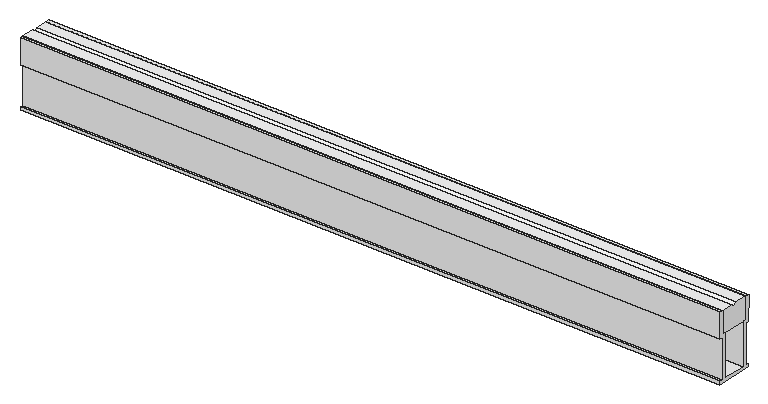
Revit family "4070750+4070745 Feilo Sylvania Lighting Fixture CURSUS 591MM 365LM WIDE LED 3K with FRAMED ROUGH IN HOUSING", category Lighting Fixtures, host Face, Revit 2017
Family settings
  Host = Face
  Round Connector Dimension = Use Diameter
  Part Type = Normal
  OmniClass Number = 23.80.70.14
  OmniClass Title = Luminaries for External Lighting
  Cut with Voids When Loaded = Yes
  Light Source = Yes
  Shared = No
  Room Calculation Point = No
Parameters (values of type "4070750 CURSUS 591MM 365LM WIDE LED 3K")
  Width = 30 mm
  Weight = "1.2 kg"
  Wattage Comments = "n/a"
  Wattage = 9 W
  WarrantyStartDate [instance] = "n/a"
  WarrantyGuarantorParts = "n/a"
  WarrantyDurationUnit = "n/a"
  WarrantyDurationParts = "n/a"
  WarrantyDescription = "n/a"
  built-in parameter 1150110 = 1 (stored number, unit not read)
  Voltage = 24 V
  URL = "http://www.sylvania-lighting.com"
  TypeName = "CURSUS 591MM 365LM WIDE LED 3K"
  Type Image = <None>
  Type Comments = "n/a"
  built-in parameter 1114217 = 1 (stored number, unit not read)
  Tilt Angle = -90.00°
  built-in parameter 1150109 = 1 (stored number, unit not read)
  built-in parameter 1150134 = (empty or 0)
  built-in parameter 1150113 = 1 (stored number, unit not read)
  SerialNumber [instance] = "n/a"
  Material_3_FEILO = none
  PowerFactor = 0
  PowerConsumption = "9 W"
  Photometric Web File = "4070750.ies"
  NominalLength = 591 mm
  NominalHeight = 50 mm
  NominalDepth = Width  # 30 mm
  Name = "CURSUS 591MM 365LM WIDE LED 3K"
  ModelReference = Name  # "CURSUS 591MM 365LM WIDE LED 3K"
  ModelNumber = "4070750"
  Model = Name  # "CURSUS 591MM 365LM WIDE LED 3K"
  Material = "natural anodised extruded aluminium structure housing"
  ManufacturerName = "Feilo Sylvania"
  Manufacturer = "Feilo Sylvania"
  LuminousEfficacy = "40.55 lm/W"
  built-in parameter 1150105 = 201.45 (stored number, unit not read)
  Lumens = 365 lm
  LuminaireType = ""
  built-in parameter 1150115 = 1 (stored number, unit not read)
  LightOutputRatio = "100"
  built-in parameter 1150137 = (empty or 0)
  built-in parameter 1150139 = (empty or 0)
  LengthVoidExtrusionRight [instance] = if(EndCapRight, Length / 2, Length / 2 - 2.5 mm)  # 296 mm
  LengthVoidExtrusionLeft [instance] = if(EndCapLeft, Length / 2, Length / 2 - 2.5 mm)  # 296 mm
  Length = 597 mm
  LampsType = Lamp  # "LED"
  LampNominalLuminous = "365 lm"
  LampMacAdamStep = "n/a"
  LampColourTemperature = "3000 K"
  LampColourRenderingIndex = "80"
  built-in parameter 1150112 = 1 (stored number, unit not read)
  built-in parameter 1150114 = 1 (stored number, unit not read)
  Lamp = "LED"
  Keynote = "16500"
  InstallationDate [instance] = "n/a"
  InputVoltage = "24V DC"
  InputNominalFrequency = "n/a"
  built-in parameter 1150132 = (empty or 0)
  built-in parameter 1150102 = (empty or 0)
  built-in parameter 1150107 = 3000 (stored number, unit not read)
  built-in parameter 1150138 = (empty or 0)
  IngressProtection = "IP67"
  ImpactProtectionIndex = "IK07"
  built-in parameter 1150106 = 2.0145 (stored number, unit not read)
  IfcExportType = "IfcLightFixtureType"
  IfcExportAs = "IfcLightFixtureType"
  ExpectedLife = 50000
  EndCapRight [instance] = no
  EndCapLeft [instance] = no
  Emit from Rectangle Width = Width - 6 mm  # 24 mm
  Emit from Rectangle Length = Length - 6 mm  # 591 mm
  Emit Shape Visible in Rendering = no
  ElectricShockClassification = "Class III"
  built-in parameter 1150104 = 3.7677 (stored number, unit not read)
  DurationUnit = "hours"
  DocumentationLiterature = "http://www.sylvania-lighting.com/product/en-int/products/4070750"
  DimmingControlOptions = "n/a"
  Dimming Lamp Color Temperature Shift = <None>
  Material_2_FEILO = Diffuser-Sylvania-Glow
  Description = "LED Exterior Lighting Recessed Surface Mounted Linear Fixture, Natural anodised extruded aluminium structure. Die-cast aluminium end caps. Installation kit with harmonic steel springs., 365 lm, 9W, 40lm/W, 3000K, CRI80+,non dimmable,IP67, IK07, (HxWxD) 591x50x30mm, 3 step Mac Adam Ellipse, 1.2kg,, Classe III, 21-25V-DC, energy class : A++, A+, A"
  Default Elevation = 1219.2 mm
  CreatedOn = "1/8/2018"
  CreatedBy = ""
  Cost = 0
  Color Filter = 16777215
  built-in parameter 1114216 [instance] = (empty or 0)
  ClassificationValue = "EF_70_80"
  ClassificationName = "Uniclass2015"
  Material_1_FEILO = Body-Sylvania-Gray
  BarCode [instance] = "n/a"
  built-in parameter 1114218 = 1 (stored number, unit not read)
  built-in parameter 1150133 = 10 (stored number, unit not read)
  AssetType = "Fixed"
  AssetIdentifier [instance] = "n/a"
  Assembly Code = "D5020200"
  Apparent Load = 9 VA
  Material_4_FEILO = Diffuser-Sylvania-Glow
Reference planes
  plane 1 "Center (Front/Back)": y = 0
  plane 2: z = 0
  plane 3 "Center (Left/Right)": x = 0
  plane 4: y = 15
  plane 5: y = -15
  plane 6: x = 298.5
  plane 7: x = -298.5
  plane 8: x = -296
  plane 9: y = 12.5
  plane 10: y = -12.5
  plane 11: x = 296
  plane 12: z = -55
  plane 13: z = -52.5
  plane 14: z = -2
  plane 15: y = -10
  plane 16: z = -18
  plane 17: z = -20.5
  plane 18: y = 10
Forms (mm)
  Extrusion 1, solid, material "Body-Sylvania-Gray" <- "Material_1_FEILO"
    sketch origin (0, 0, -32.5) x (0, 1, 0) y (0, 0, 1)
      loop
        line (15, -22.5) -> (15, -20) -> (12.5, -20) -> (12.5, 12) -> (15, 12) -> (15, 32.5) -> (12.5, 32.5) -> (12.5, 14.5) -> (10, 14.5) -> (10, -20) -> (-10, -20) -> (-10, 14.5) -> (-12.5, 14.5) -> (-12.5, 32.5) -> (-15, 32.5) -> (-15, 12) -> (-12.5, 12) -> (-12.5, -20) -> (-15, -20) -> (-15, -22.5) -> (15, -22.5)
    from -296 to 296
  Extrusion 2, solid, material "Body-Sylvania-Gray" <- "Material_1_FEILO", visible <- "EndCapRight"
    sketch origin (298.5, 1524, 1219.2) x (0, 1, 0) y (0, 0, 1)
      loop
        line (-1539, -1274.2) -> (-1509, -1274.2) -> (-1509, -1219.2) -> (-1539, -1219.2) -> (-1539, -1274.2)
    from 0 to -2.5
  Extrusion 3, solid, material "Body-Sylvania-Gray" <- "Material_1_FEILO", visible <- "EndCapLeft"
    sketch origin (-298.5, 1524, 1219.2) x (0, 1, 0) y (0, 0, 1)
      loop
        line (-1539, -1274.2) -> (-1509, -1274.2) -> (-1509, -1219.2) -> (-1539, -1219.2) -> (-1539, -1274.2)
    from 0 to 2.5
  Extrusion 4, solid, material "Diffuser-Sylvania-Glow" <- "Material_2_FEILO"
    sketch origin (0, 0, 0) x (0, 1, 0) y (0, 0, 1)
      loop
        line (-12.5, 0) -> (-12.5, -18) -> (12.5, -18) -> (12.5, 0) -> (2, 0) -> (0, -2) -> (-2, 0) -> (-12.5, 0)
    from -296 to 296
  Extrusion 5, void
    sketch origin (0, 0, 0) x (1, 0, 0) y (0, 1, 0)
      loop
        line (-296, 15) -> (-296, -15) -> (296, -15) -> (296, 15) -> (-296, 15)
    from 0 to -55
Dimensions and locks
  equal spacing: plane 5, plane 1 "Center (Front/Back)", plane 4
  equal spacing: plane 7, plane 3 "Center (Left/Right)", plane 6
  "Length": plane 7 to plane 6
  equal spacing: plane 8, plane 3 "Center (Left/Right)", plane 11
  equal spacing: plane 10, plane 1 "Center (Front/Back)", plane 9
  locked: plane 5 to plane 10 at 2.5
  "Width": plane 5 to plane 4
  locked: plane 2 to plane 12 at 55
  locked: plane 12 to plane 13 at 2.5
  "LengthVoidExtrusionLeft": Extrusion 5 sketch curve to plane 3 "Center (Left/Right)"
  "LengthVoidExtrusionRight": plane 3 "Center (Left/Right)" to Extrusion 5 sketch curve
  plane 2 to plane 14 = 2 mm
  locked: plane 7 to plane 8 at 2.5
  locked: plane 2 to plane 16 at 18
  locked: plane 17 to plane 16 at 2.5
  equal spacing: plane 15, plane 1 "Center (Front/Back)", plane 18
  locked: plane 10 to plane 15 at 2.5
  locked: plane 14 to Extrusion 4 sketch curve (angle 45.00°)
  locked: Extrusion 4 sketch curve to plane 14 (angle 45.00°)
  aligned and locked: plane 2 to host face
  aligned and locked: level to host face
  aligned and locked: plane 4 to Extrusion 1 sketch curve
  aligned and locked: Extrusion 1 sketch curve to plane 5
  aligned and locked: plane 10 to Extrusion 1 sketch curve  (x2)
  aligned and locked: Extrusion 1 sketch curve to plane 9  (x2)
  aligned and locked: plane 8 to Extrusion 3
  aligned and locked: Extrusion 3 to plane 7
  aligned and locked: Extrusion 4 to plane 8
  aligned and locked: plane 11 to Extrusion 4
  aligned and locked: imposter light to plane 1 "Center (Front/Back)"
  aligned and locked: plane 3 "Center (Left/Right)" to imposter light
  aligned and locked: plane 12 to Extrusion 1
  aligned and locked: Extrusion 1 to plane 13
  aligned and locked: level to Extrusion 1  (x2)
  aligned and locked: plane 2 to imposter light
  aligned and locked: plane 11 to Extrusion 1
  aligned and locked: Extrusion 1 to plane 8
  aligned and locked: plane 12 to Extrusion 3 sketch curve
  aligned and locked: plane 5 to Extrusion 3 sketch curve
  aligned and locked: Extrusion 3 sketch curve to plane 4
  aligned and locked: Extrusion 2 sketch curve to plane 4
  aligned and locked: plane 5 to Extrusion 2 sketch curve
  aligned and locked: plane 12 to Extrusion 2 sketch curve
  aligned and locked: plane 9 to Extrusion 4 sketch curve
  aligned and locked: Extrusion 4 sketch curve to plane 10
  aligned and locked: Extrusion 5 sketch curve to plane 4
  aligned and locked: plane 5 to Extrusion 5 sketch curve
  aligned and locked: Extrusion 5 to Extrusion 1
  aligned and locked: level to Extrusion 5
  aligned and locked: plane 14 to Extrusion 4 sketch curve
  aligned and locked: Extrusion 4 sketch curve to plane 16
  aligned and locked: Extrusion 1 sketch curve to Extrusion 1 sketch curve  (x3)
  aligned and locked: Extrusion 1 sketch curve to Extrusion 4
  aligned and locked: plane 15 to Extrusion 1 sketch curve
  aligned and locked: plane 17 to Extrusion 1 sketch curve
  aligned and locked: plane 5 to Extrusion 1 sketch curve
  aligned and locked: Extrusion 1 sketch curve to plane 16
  aligned and locked: plane 18 to Extrusion 1 sketch curve
  aligned and locked: Extrusion 1 sketch curve to plane 17
  aligned and locked: Extrusion 1 sketch curve to Extrusion 2
Automatic sketch dimensions
  host sketch curve to host sketch curve = 2438.4 mm  (x2)
  Extrusion 3 sketch curve to level = 0 mm
  Extrusion 2 sketch curve to level = 0 mm
  Extrusion 4 sketch curve to level = 0 mm  (x2)
  Extrusion 4 sketch curve to plane 1 "Center (Front/Back)" = 0 mm
  plane 12 to Extrusion 1 sketch curve = 0 mm
  plane 13 to Extrusion 1 sketch curve = 0 mm
  Extrusion 1 sketch curve to level = 0 mm  (x2)
Connectors
  electrical at (0, 0, 0), driven by "Apparent Load", driven by "PowerFactor", driven by "Voltage"
    settings: index 1, voltage 24 V, apparent load 9 VA, apparent load phase1 0 VA, apparent load phase2 0 VA, apparent load phase3 0 VA, power factor 0, load classification "Lighting", number of poles 1, system type 30, power factor state 1, is connector primary yes, connector utility no, sub classification motor no, connector description ""
